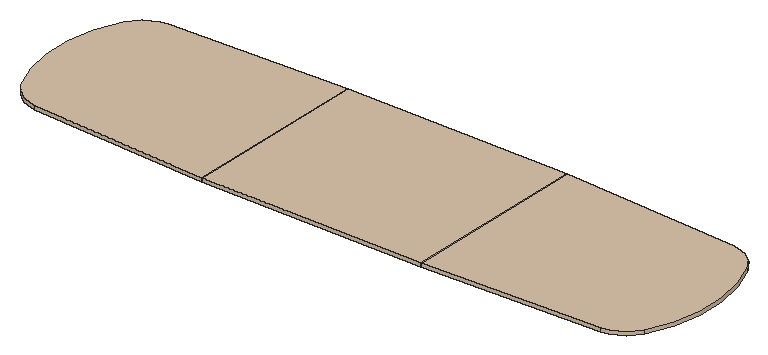
Revit family "Haworth_Planes_ColumnBaseConferenceTable_PebbleThreePiece_TopOnly", category Furniture Systems, Revit 2018 (continued)
Definition of nested family "Haworth_Planes_Worksurface_Pebble_3Piece_PART"
  Definition of nested family "Haworth_Planes_Worksurface_Pebble54_3Pieces_Part"
    Automatic sketch dimensions
      Extrusion 3 sketch curve to Extrusion 3 sketch curve = 0"  (x10)
      Extrusion 3 sketch curve to Extrusion 3 sketch curve = 30.5875"  (x2)
      Extrusion 3 sketch curve to Extrusion 3 sketch curve = 65.68"
      Extrusion 3 sketch curve to Extrusion 3 sketch curve = 68.67386"  (x2)
      Extrusion 3 sketch curve to Extrusion 3 sketch curve = 20.68"  (x2)
      plane 1 "Center F/B" to Extrusion 3 sketch curve = 491.02972"
      plane 1 "Center F/B" to Extrusion 3 sketch curve = 26.83784"
      Extrusion 3 sketch curve to Extrusion 3 sketch curve = 14.45216"  (x2)
      Extrusion 3 sketch curve to Extrusion 3 sketch curve = 12.38568"  (x2)
      Extrusion 3 sketch curve to Extrusion 3 sketch curve = 24.77136"  (x2)
      Extrusion 3 sketch curve to Extrusion 3 sketch curve = 26.83784"  (x2)
      Extrusion 3 sketch curve to Extrusion 3 sketch curve = 11.12273"
      Extrusion 3 sketch curve to plane 3 "Center L/R" = 84.1075"
      Extrusion 3 sketch curve to plane 3 "Center L/R" = 34.33693"  (x2)
      Extrusion 3 sketch curve to Extrusion 3 sketch curve = 464.19188"
      Extrusion 4 sketch curve to Extrusion 4 sketch curve = 0"  (x9)
      Extrusion 4 sketch curve to Extrusion 4 sketch curve = 30.58733"  (x2)
      Extrusion 4 sketch curve to Extrusion 4 sketch curve = 22.68"  (x2)
      Extrusion 4 sketch curve to Extrusion 4 sketch curve = 67.68"
      Extrusion 4 sketch curve to Extrusion 4 sketch curve = 70.67599"  (x2)
      plane 1 "Center F/B" to Extrusion 4 sketch curve = 532.46658"
      plane 1 "Center F/B" to Extrusion 4 sketch curve = 26.83799"
      Extrusion 4 sketch curve to Extrusion 4 sketch curve = 14.45191"  (x2)
      Extrusion 4 sketch curve to Extrusion 4 sketch curve = 12.38609"  (x2)
      Extrusion 4 sketch curve to Extrusion 4 sketch curve = 24.77217"  (x2)
      Extrusion 4 sketch curve to Extrusion 4 sketch curve = 26.83799"  (x2)
      Extrusion 4 sketch curve to Extrusion 4 sketch curve = 11.12267"  (x2)
      Extrusion 4 sketch curve to plane 3 "Center L/R" = 87.10733"
      Extrusion 4 sketch curve to plane 3 "Center L/R" = 35.33799"  (x2)
      Extrusion 4 sketch curve to Extrusion 4 sketch curve = 505.62859"
      Extrusion 5 sketch curve to Extrusion 5 sketch curve = 0"  (x10)
      Extrusion 5 sketch curve to Extrusion 5 sketch curve = 30.58724"  (x2)
      Extrusion 5 sketch curve to Extrusion 5 sketch curve = 69.68"
      Extrusion 5 sketch curve to Extrusion 5 sketch curve = 72.67803"  (x2)
      Extrusion 5 sketch curve to Extrusion 5 sketch curve = 24.68"  (x2)
      plane 1 "Center F/B" to Extrusion 5 sketch curve = 575.50267"
      plane 1 "Center F/B" to Extrusion 5 sketch curve = 26.83813"
      Extrusion 5 sketch curve to Extrusion 5 sketch curve = 14.45183"  (x2)
      Extrusion 5 sketch curve to Extrusion 5 sketch curve = 12.3863"  (x2)
      Extrusion 5 sketch curve to Extrusion 5 sketch curve = 24.77261"  (x2)
      Extrusion 5 sketch curve to Extrusion 5 sketch curve = 26.83813"  (x2)
      Extrusion 5 sketch curve to Extrusion 5 sketch curve = 11.12263"
      Extrusion 5 sketch curve to plane 3 "Center L/R" = 90.10724"
      Extrusion 5 sketch curve to plane 3 "Center L/R" = 36.33902"  (x2)
      Extrusion 5 sketch curve to Extrusion 5 sketch curve = 548.66454"
      Extrusion 6 sketch curve to Extrusion 6 sketch curve = 0"  (x10)
      Extrusion 6 sketch curve to Extrusion 6 sketch curve = 30.58722"  (x2)
      Extrusion 6 sketch curve to Extrusion 6 sketch curve = 26.68"  (x2)
      Extrusion 6 sketch curve to Extrusion 6 sketch curve = 74.68"  (x2)
      plane 1 "Center F/B" to Extrusion 6 sketch curve = 620.56871"
      plane 1 "Center F/B" to Extrusion 6 sketch curve = 27.26898"
      Extrusion 6 sketch curve to Extrusion 6 sketch curve = 14.45189"  (x2)
      Extrusion 6 sketch curve to Extrusion 6 sketch curve = 12.38637"  (x2)
      Extrusion 6 sketch curve to Extrusion 6 sketch curve = 24.77274"  (x2)
      Extrusion 6 sketch curve to Extrusion 6 sketch curve = 26.83826"  (x2)
      Extrusion 6 sketch curve to Extrusion 6 sketch curve = 11.12262"
      Extrusion 6 sketch curve to plane 3 "Center L/R" = 93.10722"
      Extrusion 6 sketch curve to plane 3 "Center L/R" = 37.34"  (x2)
      Extrusion 6 sketch curve to Extrusion 6 sketch curve = 71.68"
      Extrusion 6 sketch curve to Extrusion 6 sketch curve = 593.29973"
      Extrusion 7 sketch curve to Extrusion 7 sketch curve = 0"  (x10)
      Extrusion 7 sketch curve to Extrusion 7 sketch curve = 30.58724"  (x2)
      Extrusion 7 sketch curve to Extrusion 7 sketch curve = 73.68"
      Extrusion 7 sketch curve to Extrusion 7 sketch curve = 76.6819"  (x2)
      Extrusion 7 sketch curve to Extrusion 7 sketch curve = 28.68"  (x2)
      plane 1 "Center F/B" to Extrusion 7 sketch curve = 666.37253"
      plane 1 "Center F/B" to Extrusion 7 sketch curve = 26.83838"
      Extrusion 7 sketch curve to Extrusion 7 sketch curve = 14.45206"  (x2)
      Extrusion 7 sketch curve to Extrusion 7 sketch curve = 12.38631"  (x2)
      Extrusion 7 sketch curve to Extrusion 7 sketch curve = 24.77263"  (x2)
      Extrusion 7 sketch curve to Extrusion 7 sketch curve = 26.83838"  (x2)
      Extrusion 7 sketch curve to Extrusion 7 sketch curve = 11.12263"
      Extrusion 7 sketch curve to plane 3 "Center L/R" = 96.10724"
      Extrusion 7 sketch curve to plane 3 "Center L/R" = 38.34095"  (x2)
      Extrusion 7 sketch curve to Extrusion 7 sketch curve = 639.53416"
      Extrusion 8 sketch curve to Extrusion 8 sketch curve = 0"  (x9)
      Extrusion 8 sketch curve to Extrusion 8 sketch curve = 30.5873"  (x2)
      Extrusion 8 sketch curve to Extrusion 8 sketch curve = 30.68"  (x2)
      Extrusion 8 sketch curve to Extrusion 8 sketch curve = 75.68"
      Extrusion 8 sketch curve to Extrusion 8 sketch curve = 78.68374"  (x2)
      plane 1 "Center F/B" to Extrusion 8 sketch curve = 714.2063"
      plane 1 "Center F/B" to Extrusion 8 sketch curve = 26.83848"
      Extrusion 8 sketch curve to Extrusion 8 sketch curve = 14.45232"  (x2)
      Extrusion 8 sketch curve to Extrusion 8 sketch curve = 12.38616"  (x2)
      Extrusion 8 sketch curve to Extrusion 8 sketch curve = 24.77232"  (x2)
      Extrusion 8 sketch curve to Extrusion 8 sketch curve = 26.83848"  (x2)
      Extrusion 8 sketch curve to Extrusion 8 sketch curve = 11.12266"  (x2)
      Extrusion 8 sketch curve to plane 3 "Center L/R" = 99.1073"
      Extrusion 8 sketch curve to plane 3 "Center L/R" = 39.34187"  (x2)
      Extrusion 8 sketch curve to Extrusion 8 sketch curve = 687.36783"
      Extrusion 9 sketch curve to Extrusion 9 sketch curve = 0"  (x9)
      Extrusion 9 sketch curve to Extrusion 9 sketch curve = 30.5874"  (x2)
      Extrusion 9 sketch curve to Extrusion 9 sketch curve = 32.68"  (x2)
      Extrusion 9 sketch curve to Extrusion 9 sketch curve = 77.68"
      Extrusion 9 sketch curve to Extrusion 9 sketch curve = 80.68552"  (x2)
      plane 1 "Center F/B" to Extrusion 9 sketch curve = 763.6393"
      plane 1 "Center F/B" to Extrusion 9 sketch curve = 26.83857"
      Extrusion 9 sketch curve to Extrusion 9 sketch curve = 14.45265"  (x2)
      Extrusion 9 sketch curve to Extrusion 9 sketch curve = 12.38593"  (x2)
      Extrusion 9 sketch curve to Extrusion 9 sketch curve = 24.77185"  (x2)
      Extrusion 9 sketch curve to Extrusion 9 sketch curve = 26.83857"  (x2)
      Extrusion 9 sketch curve to Extrusion 9 sketch curve = 11.12269"  (x2)
      Extrusion 9 sketch curve to plane 3 "Center L/R" = 102.1074"
      Extrusion 9 sketch curve to plane 3 "Center L/R" = 40.34276"  (x2)
      Extrusion 9 sketch curve to Extrusion 9 sketch curve = 736.80073"
      Extrusion 10 sketch curve to Extrusion 10 sketch curve = 0"  (x10)
      Extrusion 10 sketch curve to Extrusion 10 sketch curve = 30.58752"  (x2)
      Extrusion 10 sketch curve to Extrusion 10 sketch curve = 79.68"
      Extrusion 10 sketch curve to Extrusion 10 sketch curve = 82.68725"  (x2)
      Extrusion 10 sketch curve to Extrusion 10 sketch curve = 34.68"  (x2)
      plane 1 "Center F/B" to Extrusion 10 sketch curve = 814.67153"
      plane 1 "Center F/B" to Extrusion 10 sketch curve = 26.83866"
      Extrusion 10 sketch curve to Extrusion 10 sketch curve = 14.45303"  (x2)
      Extrusion 10 sketch curve to Extrusion 10 sketch curve = 12.38563"  (x2)
      Extrusion 10 sketch curve to Extrusion 10 sketch curve = 24.77126"  (x2)
      Extrusion 10 sketch curve to Extrusion 10 sketch curve = 26.83866"  (x2)
      Extrusion 10 sketch curve to Extrusion 10 sketch curve = 11.12273"
      Extrusion 10 sketch curve to plane 3 "Center L/R" = 105.10752"
      Extrusion 10 sketch curve to plane 3 "Center L/R" = 41.34363"  (x2)
      Extrusion 10 sketch curve to Extrusion 10 sketch curve = 787.83287"
      Extrusion 11 sketch curve to Extrusion 11 sketch curve = 0"  (x10)
      Extrusion 11 sketch curve to Extrusion 11 sketch curve = 30.58766"  (x2)
      Extrusion 11 sketch curve to Extrusion 11 sketch curve = 36.68"  (x2)
      Extrusion 11 sketch curve to Extrusion 11 sketch curve = 84.68894"  (x2)
      plane 1 "Center F/B" to Extrusion 11 sketch curve = 867.30298"
      plane 1 "Center F/B" to Extrusion 11 sketch curve = 26.83873"
      Extrusion 11 sketch curve to Extrusion 11 sketch curve = 14.45345"  (x2)
      Extrusion 11 sketch curve to Extrusion 11 sketch curve = 12.38528"  (x2)
      Extrusion 11 sketch curve to Extrusion 11 sketch curve = 24.77057"  (x2)
      Extrusion 11 sketch curve to Extrusion 11 sketch curve = 26.83873"  (x2)
      Extrusion 11 sketch curve to Extrusion 11 sketch curve = 11.12278"
      Extrusion 11 sketch curve to plane 3 "Center L/R" = 108.10766"
      Extrusion 11 sketch curve to plane 3 "Center L/R" = 42.34447"  (x2)
      Extrusion 11 sketch curve to Extrusion 11 sketch curve = 81.68"
      Extrusion 11 sketch curve to Extrusion 11 sketch curve = 840.46424"
      Extrusion 12 sketch curve to Extrusion 12 sketch curve = 0"  (x10)
      Extrusion 12 sketch curve to Extrusion 12 sketch curve = 30.58781"  (x2)
      Extrusion 12 sketch curve to Extrusion 12 sketch curve = 38.68"  (x2)
      Extrusion 12 sketch curve to Extrusion 12 sketch curve = 86.69059"  (x2)
      plane 1 "Center F/B" to Extrusion 12 sketch curve = 921.53366"
      plane 1 "Center F/B" to Extrusion 12 sketch curve = 26.83881"
      Extrusion 12 sketch curve to Extrusion 12 sketch curve = 14.45391"  (x2)
      Extrusion 12 sketch curve to Extrusion 12 sketch curve = 12.3849"  (x2)
      Extrusion 12 sketch curve to Extrusion 12 sketch curve = 24.7698"  (x2)
      Extrusion 12 sketch curve to Extrusion 12 sketch curve = 26.83881"  (x2)
      Extrusion 12 sketch curve to Extrusion 12 sketch curve = 11.12284"
      Extrusion 12 sketch curve to plane 3 "Center L/R" = 111.10781"
      Extrusion 12 sketch curve to plane 3 "Center L/R" = 43.34529"  (x2)
      Extrusion 12 sketch curve to Extrusion 12 sketch curve = 83.68"
      Extrusion 12 sketch curve to Extrusion 12 sketch curve = 894.69485"
      Extrusion 13 sketch curve to Extrusion 13 sketch curve = 0"  (x9)
      Extrusion 13 sketch curve to Extrusion 13 sketch curve = 30.58798"  (x2)
      Extrusion 13 sketch curve to Extrusion 13 sketch curve = 40.68"  (x2)
      Extrusion 13 sketch curve to Extrusion 13 sketch curve = 85.68"
      Extrusion 13 sketch curve to Extrusion 13 sketch curve = 88.69219"  (x2)
      plane 1 "Center F/B" to Extrusion 13 sketch curve = 977.36356"
      plane 1 "Center F/B" to Extrusion 13 sketch curve = 26.83887"
      Extrusion 13 sketch curve to Extrusion 13 sketch curve = 14.45439"  (x2)
      Extrusion 13 sketch curve to Extrusion 13 sketch curve = 12.38448"  (x2)
      Extrusion 13 sketch curve to Extrusion 13 sketch curve = 24.76896"  (x2)
      Extrusion 13 sketch curve to Extrusion 13 sketch curve = 26.83887"  (x2)
      Extrusion 13 sketch curve to Extrusion 13 sketch curve = 11.1229"  (x2)
      Extrusion 13 sketch curve to plane 3 "Center L/R" = 114.10798"
      Extrusion 13 sketch curve to plane 3 "Center L/R" = 44.3461"  (x2)
      Extrusion 13 sketch curve to Extrusion 13 sketch curve = 950.52469"
      Extrusion 14 sketch curve to Extrusion 14 sketch curve = 0"  (x10)
      Extrusion 14 sketch curve to Extrusion 14 sketch curve = 30.58816"  (x2)
      Extrusion 14 sketch curve to Extrusion 14 sketch curve = 87.68"
      Extrusion 14 sketch curve to Extrusion 14 sketch curve = 90.69377"  (x2)
      Extrusion 14 sketch curve to Extrusion 14 sketch curve = 42.68"  (x2)
      plane 1 "Center F/B" to Extrusion 14 sketch curve = 1034.79269"
      plane 1 "Center F/B" to Extrusion 14 sketch curve = 26.83893"
      Extrusion 14 sketch curve to Extrusion 14 sketch curve = 14.45489"  (x2)
      Extrusion 14 sketch curve to Extrusion 14 sketch curve = 12.38404"  (x2)
      Extrusion 14 sketch curve to Extrusion 14 sketch curve = 24.76808"  (x2)
      Extrusion 14 sketch curve to Extrusion 14 sketch curve = 26.83893"  (x2)
      Extrusion 14 sketch curve to Extrusion 14 sketch curve = 11.12297"
      Extrusion 14 sketch curve to plane 3 "Center L/R" = 117.10816"
      Extrusion 14 sketch curve to plane 3 "Center L/R" = 45.34688"  (x2)
      Extrusion 14 sketch curve to Extrusion 14 sketch curve = 1007.95376"
      Extrusion 15 sketch curve to plane 3 "Center L/R" = 120.10835"
      Extrusion 15 sketch curve to Extrusion 15 sketch curve = 0"  (x11)
      Extrusion 15 sketch curve to Extrusion 15 sketch curve = 30.58835"  (x2)
      Extrusion 15 sketch curve to plane 3 "Center L/R" = 46 89/256"  (x2)
      Extrusion 15 sketch curve to Extrusion 15 sketch curve = 44.68"  (x2)
      Extrusion 15 sketch curve to Extrusion 15 sketch curve = 89.68"
      Extrusion 15 sketch curve to Extrusion 15 sketch curve = 92 89/128"  (x2)
      plane 1 "Center F/B" to Extrusion 15 sketch curve = 1093.82105"
      plane 1 "Center F/B" to Extrusion 15 sketch curve = 26.83899"
      Extrusion 15 sketch curve to Extrusion 15 sketch curve = 14.45541"  (x2)
      Extrusion 15 sketch curve to Extrusion 15 sketch curve = 12.38358"  (x2)
      Extrusion 15 sketch curve to Extrusion 15 sketch curve = 24.76716"  (x2)
      Extrusion 15 sketch curve to Extrusion 15 sketch curve = 26.83899"  (x2)
      Extrusion 15 sketch curve to Extrusion 15 sketch curve = 1066.98207"
      plane 1 "Center F/B" to Extrusion 16 sketch curve = 26.83746"
      Extrusion 16 sketch curve to plane 3 "Center L/R" = 30.84"
      Extrusion 16 sketch curve to Extrusion 16 sketch curve = 61.68"
      Extrusion 16 sketch curve to Extrusion 16 sketch curve = 53.67492"
      plane 1 "Center F/B" to Extrusion 17 sketch curve = 26.83766"
      Extrusion 17 sketch curve to plane 3 "Center L/R" = 31.84"
      Extrusion 17 sketch curve to Extrusion 17 sketch curve = 63.68"
      Extrusion 17 sketch curve to Extrusion 17 sketch curve = 53.67532"
      Extrusion 18 sketch curve to plane 3 "Center L/R" = 32.84"
      Extrusion 18 sketch curve to Extrusion 18 sketch curve = 65.68"
      plane 1 "Center F/B" to Extrusion 18 sketch curve = 26.83784"
      Extrusion 18 sketch curve to Extrusion 18 sketch curve = 53.67567"
      Extrusion 19 sketch curve to plane 3 "Center L/R" = 33.84"
      Extrusion 19 sketch curve to Extrusion 19 sketch curve = 67.68"
      plane 1 "Center F/B" to Extrusion 19 sketch curve = 26.83799"
      Extrusion 19 sketch curve to Extrusion 19 sketch curve = 53.67599"
      Extrusion 20 sketch curve to plane 3 "Center L/R" = 34.84"
      Extrusion 20 sketch curve to Extrusion 20 sketch curve = 69.68"
      plane 1 "Center F/B" to Extrusion 20 sketch curve = 26.83813"
      Extrusion 20 sketch curve to Extrusion 20 sketch curve = 53.67627"
      Extrusion 21 sketch curve to plane 3 "Center L/R" = 35.84"
      Extrusion 21 sketch curve to Extrusion 21 sketch curve = 71.68"
      plane 1 "Center F/B" to Extrusion 21 sketch curve = 27.26898"
      Extrusion 21 sketch curve to Extrusion 21 sketch curve = 53.67652"
      Extrusion 22 sketch curve to plane 3 "Center L/R" = 36.84"
      Extrusion 22 sketch curve to Extrusion 22 sketch curve = 73.68"
      plane 1 "Center F/B" to Extrusion 22 sketch curve = 26.83838"
      Extrusion 22 sketch curve to Extrusion 22 sketch curve = 53.67675"
      Extrusion 23 sketch curve to plane 3 "Center L/R" = 37.84"
      Extrusion 23 sketch curve to Extrusion 23 sketch curve = 75.68"
      plane 1 "Center F/B" to Extrusion 23 sketch curve = 26.83848"
      Extrusion 23 sketch curve to Extrusion 23 sketch curve = 53.67696"
      Extrusion 24 sketch curve to plane 3 "Center L/R" = 38.84"
      Extrusion 24 sketch curve to Extrusion 24 sketch curve = 77.68"
      plane 1 "Center F/B" to Extrusion 24 sketch curve = 26.83857"
      Extrusion 24 sketch curve to Extrusion 24 sketch curve = 53.67714"
      Extrusion 25 sketch curve to plane 3 "Center L/R" = 39.84"
      Extrusion 25 sketch curve to Extrusion 25 sketch curve = 79.68"
      plane 1 "Center F/B" to Extrusion 25 sketch curve = 26.83866"
      Extrusion 25 sketch curve to Extrusion 25 sketch curve = 53.67731"
      Extrusion 26 sketch curve to plane 3 "Center L/R" = 40.84"
      Extrusion 26 sketch curve to Extrusion 26 sketch curve = 81.68"
      plane 1 "Center F/B" to Extrusion 26 sketch curve = 26.83873"
      Extrusion 26 sketch curve to Extrusion 26 sketch curve = 53.67747"
      Extrusion 27 sketch curve to plane 3 "Center L/R" = 41.84"
      Extrusion 27 sketch curve to Extrusion 27 sketch curve = 83.68"
      plane 1 "Center F/B" to Extrusion 27 sketch curve = 26.83881"
      Extrusion 27 sketch curve to Extrusion 27 sketch curve = 53.67761"
      Extrusion 28 sketch curve to plane 3 "Center L/R" = 42.84"
      Extrusion 28 sketch curve to Extrusion 28 sketch curve = 85.68"
      plane 1 "Center F/B" to Extrusion 28 sketch curve = 26.83887"
      Extrusion 28 sketch curve to Extrusion 28 sketch curve = 53.67774"
      Extrusion 29 sketch curve to plane 3 "Center L/R" = 43.84"
      Extrusion 29 sketch curve to Extrusion 29 sketch curve = 87.68"
      plane 1 "Center F/B" to Extrusion 29 sketch curve = 26.83893"
      Extrusion 29 sketch curve to Extrusion 29 sketch curve = 53.67786"
      Extrusion 30 sketch curve to plane 3 "Center L/R" = 44.84"
      Extrusion 30 sketch curve to Extrusion 30 sketch curve = 89.68"
      plane 1 "Center F/B" to Extrusion 30 sketch curve = 26.83899"
      Extrusion 30 sketch curve to Extrusion 30 sketch curve = 53.67797"
      Masking region 1 sketch curve to plane 1 "Center F/B" = 12.38637"
      Masking region 1 sketch curve to plane 3 "Center L/R" = 78.10722"
      Masking region 1 sketch curve to Masking region 1 sketch curve = 0"  (x7)
      Masking region 1 sketch curve to Masking region 1 sketch curve = 30.58722"  (x2)
      Masking region 1 sketch curve to Masking region 1 sketch curve = 15.17999"  (x2)
      Masking region 1 sketch curve to Masking region 1 sketch curve = 15.18"
      Masking region 1 sketch curve to plane 3 "Center L/R" = 32.33465"  (x2)
      Masking region 1 sketch curve to Masking region 1 sketch curve = 64.6693"  (x2)
      Masking region 1 sketch curve to Masking region 1 sketch curve = 64.68002"
      Masking region 1 sketch curve to Masking region 1 sketch curve = 12.38637"  (x2)
      Masking region 1 sketch curve to plane 1 "Center F/B" = 0"
      Masking region 1 sketch curve to Masking region 1 sketch curve = 24.77274"  (x2)
      Masking region 1 sketch curve to Masking region 1 sketch curve = 26.84"  (x2)
      plane 1 "Center F/B" to Masking region 1 sketch curve = 412.95367"
      Masking region 1 sketch curve to Masking region 1 sketch curve = 386.11367"
      Masking region 1 sketch curve to Masking region 1 sketch curve = 1.05391"  (x4)
      Masking region 2 sketch curve to plane 3 "Center L/R" = 81.10722"
      Masking region 2 sketch curve to Masking region 2 sketch curve = 0"  (x7)
      Masking region 2 sketch curve to Masking region 2 sketch curve = 30.58722"  (x2)
      Masking region 2 sketch curve to Masking region 2 sketch curve = 17.17999"  (x2)
      Masking region 2 sketch curve to Masking region 2 sketch curve = 17.18"
      Masking region 2 sketch curve to plane 3 "Center L/R" = 33.33582"  (x2)
      Masking region 2 sketch curve to Masking region 2 sketch curve = 66.67163"  (x2)
      Masking region 2 sketch curve to Masking region 2 sketch curve = 66.68002"
      plane 1 "Center F/B" to Masking region 2 sketch curve = 451.19208"
      plane 1 "Center F/B" to Masking region 2 sketch curve = 26.84"
      Masking region 2 sketch curve to Masking region 2 sketch curve = 14.45363"  (x2)
      Masking region 2 sketch curve to Masking region 2 sketch curve = 26.84"  (x3)
      Masking region 2 sketch curve to Masking region 2 sketch curve = 24.77274"  (x2)
      Masking region 2 sketch curve to Masking region 2 sketch curve = 424.35208"
      Masking region 2 sketch curve to Masking region 2 sketch curve = 1.05391"  (x4)
      Masking region 3 sketch curve to plane 3 "Center L/R" = 84.10722"
      Masking region 3 sketch curve to Masking region 3 sketch curve = 0"  (x7)
      Masking region 3 sketch curve to Masking region 3 sketch curve = 30.58722"  (x2)
      Masking region 3 sketch curve to Masking region 3 sketch curve = 19.18307"  (x3)
      Masking region 3 sketch curve to plane 3 "Center L/R" = 34.33693"  (x2)
      Masking region 3 sketch curve to Masking region 3 sketch curve = 68.67386"  (x3)
      plane 1 "Center F/B" to Masking region 3 sketch curve = 491.02972"
      plane 1 "Center F/B" to Masking region 3 sketch curve = 26.84"
      Masking region 3 sketch curve to Masking region 3 sketch curve = 14.45363"  (x2)
      Masking region 3 sketch curve to Masking region 3 sketch curve = 26.84"  (x3)
      Masking region 3 sketch curve to Masking region 3 sketch curve = 24.77274"  (x2)
      Masking region 3 sketch curve to Masking region 3 sketch curve = 464.18972"
      Masking region 3 sketch curve to Masking region 3 sketch curve = 1.05391"  (x4)
      Masking region 4 sketch curve to plane 3 "Center L/R" = 87.10722"
      Masking region 4 sketch curve to Masking region 4 sketch curve = 0"  (x7)
      Masking region 4 sketch curve to Masking region 4 sketch curve = 30.58722"  (x2)
      Masking region 4 sketch curve to Masking region 4 sketch curve = 21.18201"  (x3)
      Masking region 4 sketch curve to plane 3 "Center L/R" = 35.33799"  (x2)
      Masking region 4 sketch curve to Masking region 4 sketch curve = 70.67599"  (x3)
      plane 1 "Center F/B" to Masking region 4 sketch curve = 532.46658"
      plane 1 "Center F/B" to Masking region 4 sketch curve = 26.84"
      Masking region 4 sketch curve to Masking region 4 sketch curve = 14.45363"  (x2)
      Masking region 4 sketch curve to Masking region 4 sketch curve = 12.38637"  (x2)
      Masking region 4 sketch curve to Masking region 4 sketch curve = 24.77274"  (x2)
      Masking region 4 sketch curve to Masking region 4 sketch curve = 26.84"
      Masking region 4 sketch curve to Masking region 4 sketch curve = 505.62658"
      Masking region 4 sketch curve to Masking region 4 sketch curve = 1.05391"  (x4)
      Masking region 5 sketch curve to plane 3 "Center L/R" = 90.10722"
      Masking region 5 sketch curve to Masking region 5 sketch curve = 0"  (x7)
      Masking region 5 sketch curve to Masking region 5 sketch curve = 30.58722"  (x2)
      Masking region 5 sketch curve to Masking region 5 sketch curve = 23.18098"  (x3)
      Masking region 5 sketch curve to plane 3 "Center L/R" = 36.33902"  (x2)
      Masking region 5 sketch curve to Masking region 5 sketch curve = 72.67803"  (x3)
      plane 1 "Center F/B" to Masking region 5 sketch curve = 575.50267"
      plane 1 "Center F/B" to Masking region 5 sketch curve = 26.84"
      Masking region 5 sketch curve to Masking region 5 sketch curve = 14.45363"  (x2)
      Masking region 5 sketch curve to Masking region 5 sketch curve = 12.38637"  (x2)
      Masking region 5 sketch curve to Masking region 5 sketch curve = 24.77274"  (x2)
      Masking region 5 sketch curve to Masking region 5 sketch curve = 26.84"
      Masking region 5 sketch curve to Masking region 5 sketch curve = 548.66267"
      Masking region 5 sketch curve to Masking region 5 sketch curve = 1.05391"  (x4)
      Masking region 6 sketch curve to plane 3 "Center L/R" = 93.10722"
      Masking region 6 sketch curve to Masking region 6 sketch curve = 0"  (x11)
      Masking region 6 sketch curve to Masking region 6 sketch curve = 30.58722"  (x2)
      Masking region 6 sketch curve to Masking region 6 sketch curve = 25.18"  (x2)
      Masking region 6 sketch curve to plane 3 "Center L/R" = 37.34"
      Masking region 6 sketch curve to Masking region 6 sketch curve = 74.68"
      plane 1 "Center F/B" to Masking region 6 sketch curve = 620.56871"
      plane 1 "Center F/B" to Masking region 6 sketch curve = 27.27072"
      Masking region 6 sketch curve to Masking region 6 sketch curve = 14.45363"  (x2)
      Masking region 6 sketch curve to Masking region 6 sketch curve = 12.38637"  (x2)
      Masking region 6 sketch curve to Masking region 6 sketch curve = 24.77274"  (x2)
      Masking region 6 sketch curve to Masking region 6 sketch curve = 26.84"
      Masking region 6 sketch curve to Masking region 6 sketch curve = 593.29799"
      Masking region 7 sketch curve to plane 3 "Center L/R" = 96.10722"
      Masking region 7 sketch curve to Masking region 7 sketch curve = 0"  (x7)
      Masking region 7 sketch curve to Masking region 7 sketch curve = 30.58722"  (x2)
      Masking region 7 sketch curve to plane 3 "Center L/R" = 38.34095"  (x2)
      Masking region 7 sketch curve to Masking region 7 sketch curve = 27.17905"  (x3)
      Masking region 7 sketch curve to Masking region 7 sketch curve = 76.6819"  (x3)
      plane 1 "Center F/B" to Masking region 7 sketch curve = 666.37253"
      plane 1 "Center F/B" to Masking region 7 sketch curve = 26.84"
      Masking region 7 sketch curve to Masking region 7 sketch curve = 14.45363"  (x2)
      Masking region 7 sketch curve to Masking region 7 sketch curve = 12.38637"  (x2)
      Masking region 7 sketch curve to Masking region 7 sketch curve = 24.77274"  (x2)
      Masking region 7 sketch curve to Masking region 7 sketch curve = 26.84"
      Masking region 7 sketch curve to Masking region 7 sketch curve = 639.53253"
      Masking region 7 sketch curve to Masking region 7 sketch curve = 1.05391"  (x4)
      Masking region 8 sketch curve to plane 3 "Center L/R" = 99.10722"
      Masking region 8 sketch curve to Masking region 8 sketch curve = 0"  (x7)
      Masking region 8 sketch curve to Masking region 8 sketch curve = 30.58722"  (x2)
      Masking region 8 sketch curve to plane 3 "Center L/R" = 39.34187"  (x2)
      Masking region 8 sketch curve to Masking region 8 sketch curve = 29.17813"  (x3)
      Masking region 8 sketch curve to Masking region 8 sketch curve = 78.68374"  (x3)
      plane 1 "Center F/B" to Masking region 8 sketch curve = 714.2063"
      plane 1 "Center F/B" to Masking region 8 sketch curve = 26.84"
      Masking region 8 sketch curve to Masking region 8 sketch curve = 14.45363"  (x2)
      Masking region 8 sketch curve to Masking region 8 sketch curve = 12.38637"  (x2)
      Masking region 8 sketch curve to Masking region 8 sketch curve = 24.77274"  (x2)
      Masking region 8 sketch curve to Masking region 8 sketch curve = 26.84"
      Masking region 8 sketch curve to Masking region 8 sketch curve = 687.3663"
      Masking region 8 sketch curve to Masking region 8 sketch curve = 1.05391"  (x4)
      Masking region 9 sketch curve to plane 3 "Center L/R" = 102.10722"
      Masking region 9 sketch curve to Masking region 9 sketch curve = 0"  (x7)
      Masking region 9 sketch curve to Masking region 9 sketch curve = 30.58722"  (x2)
      Masking region 9 sketch curve to plane 3 "Center L/R" = 40.34276"  (x2)
      Masking region 9 sketch curve to Masking region 9 sketch curve = 31.17724"  (x3)
      Masking region 9 sketch curve to Masking region 9 sketch curve = 80.68552"  (x3)
      plane 1 "Center F/B" to Masking region 9 sketch curve = 763.6393"
      plane 1 "Center F/B" to Masking region 9 sketch curve = 26.84"
      Masking region 9 sketch curve to Masking region 9 sketch curve = 14.45363"  (x2)
      Masking region 9 sketch curve to Masking region 9 sketch curve = 12.38637"  (x2)
      Masking region 9 sketch curve to Masking region 9 sketch curve = 24.77274"  (x2)
      Masking region 9 sketch curve to Masking region 9 sketch curve = 26.84"
      Masking region 9 sketch curve to Masking region 9 sketch curve = 736.7993"
      Masking region 9 sketch curve to Masking region 9 sketch curve = 1.05391"  (x4)
      Masking region 10 sketch curve to plane 3 "Center L/R" = 105.10722"
      Masking region 10 sketch curve to Masking region 10 sketch curve = 0"  (x7)
      Masking region 10 sketch curve to Masking region 10 sketch curve = 30.58722"  (x2)
      Masking region 10 sketch curve to plane 3 "Center L/R" = 41.34363"  (x2)
      Masking region 10 sketch curve to Masking region 10 sketch curve = 33.17637"  (x3)
      Masking region 10 sketch curve to Masking region 10 sketch curve = 82.68725"  (x3)
      plane 1 "Center F/B" to Masking region 10 sketch curve = 814.67153"
      plane 1 "Center F/B" to Masking region 10 sketch curve = 26.84"
      Masking region 10 sketch curve to Masking region 10 sketch curve = 14.45363"  (x2)
      Masking region 10 sketch curve to Masking region 10 sketch curve = 12.38637"  (x2)
      Masking region 10 sketch curve to Masking region 10 sketch curve = 24.77274"  (x2)
      Masking region 10 sketch curve to Masking region 10 sketch curve = 26.84"
      Masking region 10 sketch curve to Masking region 10 sketch curve = 787.83153"
      Masking region 10 sketch curve to Masking region 10 sketch curve = 1.05391"  (x4)
      Masking region 11 sketch curve to plane 3 "Center L/R" = 108.10722"
      Masking region 11 sketch curve to Masking region 11 sketch curve = 0"  (x7)
      Masking region 11 sketch curve to Masking region 11 sketch curve = 30.58722"  (x2)
      plane 1 "Center F/B" to Masking region 11 sketch curve = 867.30298"
      Masking region 11 sketch curve to plane 3 "Center L/R" = 42.34447"  (x2)
      Masking region 11 sketch curve to Masking region 11 sketch curve = 35.17553"  (x3)
      Masking region 11 sketch curve to Masking region 11 sketch curve = 84.68894"  (x3)
      plane 1 "Center F/B" to Masking region 11 sketch curve = 26.84"
      Masking region 11 sketch curve to Masking region 11 sketch curve = 14.45363"  (x2)
      Masking region 11 sketch curve to Masking region 11 sketch curve = 12.38637"  (x2)
      Masking region 11 sketch curve to Masking region 11 sketch curve = 24.77274"  (x2)
      Masking region 11 sketch curve to Masking region 11 sketch curve = 26.84"
      Masking region 11 sketch curve to Masking region 11 sketch curve = 840.46298"
      Masking region 11 sketch curve to Masking region 11 sketch curve = 1.05391"  (x4)
      Masking region 12 sketch curve to plane 3 "Center L/R" = 111.10722"
      Masking region 12 sketch curve to Masking region 12 sketch curve = 0"  (x7)
      Masking region 12 sketch curve to Masking region 12 sketch curve = 30.58722"  (x2)
      plane 1 "Center F/B" to Masking region 12 sketch curve = 921.53366"
      Masking region 12 sketch curve to plane 3 "Center L/R" = 43.34529"  (x2)
      Masking region 12 sketch curve to Masking region 12 sketch curve = 37.18"
      Masking region 12 sketch curve to Masking region 12 sketch curve = 37.18002"  (x2)
      Masking region 12 sketch curve to Masking region 12 sketch curve = 86.67996"
      Masking region 12 sketch curve to Masking region 12 sketch curve = 86.69059"  (x2)
      plane 1 "Center F/B" to Masking region 12 sketch curve = 26.84"
      Masking region 12 sketch curve to Masking region 12 sketch curve = 14.45363"  (x2)
      Masking region 12 sketch curve to Masking region 12 sketch curve = 12.38637"  (x2)
      Masking region 12 sketch curve to Masking region 12 sketch curve = 24.77274"  (x2)
      Masking region 12 sketch curve to Masking region 12 sketch curve = 26.84"
      Masking region 12 sketch curve to Masking region 12 sketch curve = 894.69366"
      Masking region 12 sketch curve to Masking region 12 sketch curve = 1.05391"  (x4)
      Masking region 13 sketch curve to plane 3 "Center L/R" = 114.10722"
      Masking region 13 sketch curve to Masking region 13 sketch curve = 0"  (x7)
      Masking region 13 sketch curve to Masking region 13 sketch curve = 30.58722"  (x2)
      plane 1 "Center F/B" to Masking region 13 sketch curve = 977.36356"
      Masking region 13 sketch curve to plane 3 "Center L/R" = 44.3461"  (x2)
      Masking region 13 sketch curve to Masking region 13 sketch curve = 39.18"
      Masking region 13 sketch curve to Masking region 13 sketch curve = 39.18002"  (x2)
      Masking region 13 sketch curve to Masking region 13 sketch curve = 88.67997"
      Masking region 13 sketch curve to Masking region 13 sketch curve = 88.69219"  (x2)
      plane 1 "Center F/B" to Masking region 13 sketch curve = 26.84"
      Masking region 13 sketch curve to Masking region 13 sketch curve = 14.45363"  (x2)
      Masking region 13 sketch curve to Masking region 13 sketch curve = 12.38637"  (x2)
      Masking region 13 sketch curve to Masking region 13 sketch curve = 24.77274"  (x2)
      Masking region 13 sketch curve to Masking region 13 sketch curve = 26.84"
      Masking region 13 sketch curve to Masking region 13 sketch curve = 950.52356"
      Masking region 13 sketch curve to Masking region 13 sketch curve = 1.05391"  (x4)
      Masking region 14 sketch curve to plane 3 "Center L/R" = 117.10722"
      Masking region 14 sketch curve to Masking region 14 sketch curve = 0"  (x7)
      Masking region 14 sketch curve to Masking region 14 sketch curve = 30.58722"  (x2)
      plane 1 "Center F/B" to Masking region 14 sketch curve = 1034.79269"
      Masking region 14 sketch curve to plane 3 "Center L/R" = 45.34688"  (x2)
      Masking region 14 sketch curve to Masking region 14 sketch curve = 41.18"
      Masking region 14 sketch curve to Masking region 14 sketch curve = 41.18002"  (x2)
      Masking region 14 sketch curve to Masking region 14 sketch curve = 90.67997"
      Masking region 14 sketch curve to Masking region 14 sketch curve = 90.69377"  (x2)
      plane 1 "Center F/B" to Masking region 14 sketch curve = 26.84"
      Masking region 14 sketch curve to Masking region 14 sketch curve = 14.45363"  (x2)
      Masking region 14 sketch curve to Masking region 14 sketch curve = 12.38637"  (x2)
      Masking region 14 sketch curve to Masking region 14 sketch curve = 24.77274"  (x2)
      Masking region 14 sketch curve to Masking region 14 sketch curve = 26.84"
      Masking region 14 sketch curve to Masking region 14 sketch curve = 1007.95269"
      Masking region 14 sketch curve to Masking region 14 sketch curve = 1.05391"  (x4)
      Masking region 15 sketch curve to plane 3 "Center L/R" = 120.10722"
      Masking region 15 sketch curve to Masking region 15 sketch curve = 0"  (x7)
      Masking region 15 sketch curve to Masking region 15 sketch curve = 30.58722"  (x2)
      plane 1 "Center F/B" to Masking region 15 sketch curve = 1093.82105"
      Masking region 15 sketch curve to plane 3 "Center L/R" = 46 89/256"  (x2)
      Masking region 15 sketch curve to Masking region 15 sketch curve = 43.18"
      Masking region 15 sketch curve to Masking region 15 sketch curve = 43.18001"  (x2)
      Masking region 15 sketch curve to Masking region 15 sketch curve = 92.67997"
      Masking region 15 sketch curve to Masking region 15 sketch curve = 92 89/128"  (x2)
      plane 1 "Center F/B" to Masking region 15 sketch curve = 26.84"
      Masking region 15 sketch curve to Masking region 15 sketch curve = 14.45363"  (x2)
      Masking region 15 sketch curve to Masking region 15 sketch curve = 12.38637"  (x2)
      Masking region 15 sketch curve to Masking region 15 sketch curve = 24.77274"  (x2)
      Masking region 15 sketch curve to Masking region 15 sketch curve = 26.84"
      Masking region 15 sketch curve to Masking region 15 sketch curve = 1066.98105"
      Masking region 15 sketch curve to Masking region 15 sketch curve = 1.05391"  (x4)
      curve 29 to plane 3 "Center L/R" = 44.84"
      plane 1 "Center F/B" to curve 1 = 26.83746"
      curve 29 to curve 28 = 1"
      curve 28 to curve 25 = 1"
      curve 25 to curve 21 = 2"
      curve 25 to curve 24 = 1"
      curve 21 to curve 20 = 1"
      curve 20 to curve 17 = 1"
      curve 17 to curve 16 = 1"
      curve 16 to curve 13 = 1"
      curve 13 to curve 12 = 1"
      curve 12 to curve 9 = 1"
      curve 9 to curve 8 = 1"
      curve 8 to curve 5 = 1"
      curve 5 to curve 4 = 1"
      curve 4 to curve 1 = 1"
      curve 1 to curve 2 = 61.68"
      curve 2 to curve 3 = 1"
      curve 3 to curve 6 = 1"
      curve 6 to curve 7 = 1"
      curve 7 to curve 10 = 1"
      curve 13 to curve 14 = 73.68"
      curve 11 to curve 14 = 1"
      curve 14 to curve 15 = 1"
      curve 15 to curve 18 = 1"
      curve 18 to curve 19 = 1"
      curve 19 to curve 22 = 1"
      curve 25 to curve 26 = 85.68"
      curve 26 to curve 27 = 1"
      curve 23 to curve 26 = 1"
      curve 27 to curve 30 = 1"
      curve 1 to curve 2 = 0"
      curve 2 to curve 2 = 53.67492"
      curve 1 to curve 1 = 53.67492"
      curve 4 to curve 1 = 53.67512"
      curve 3 to curve 2 = 53.67512"
      curve 4 to curve 4 = 53.67532"
      curve 3 to curve 3 = 53.67532"
      curve 6 to curve 3 = 53.6755"
      curve 5 to curve 4 = 53.6755"
      curve 6 to curve 6 = 53.67567"
      curve 5 to curve 5 = 53.67567"
      curve 8 to curve 5 = 53.67583"
      curve 7 to curve 6 = 53.67583"
      curve 8 to curve 8 = 53.67599"
      curve 7 to curve 7 = 53.67599"
      curve 9 to curve 8 = 53.67613"
      curve 10 to curve 7 = 53.67613"
      curve 9 to curve 9 = 53.67627"
      curve 10 to curve 10 = 53.67627"
      curve 12 to curve 9 = 54.10711"
      curve 11 to curve 10 = 54.10711"
      curve 12 to curve 12 = 53.67652"
      curve 11 to curve 11 = 53.67652"
      curve 14 to curve 11 = 53.24592"
      curve 13 to curve 12 = 53.24592"
      curve 14 to curve 14 = 53.67675"
      curve 13 to curve 13 = 53.67675"
      curve 16 to curve 13 = 53.67685"
      curve 15 to curve 14 = 53.67685"
      curve 16 to curve 16 = 53.67696"
      curve 15 to curve 15 = 53.67696"
      curve 17 to curve 16 = 53.67705"
      curve 18 to curve 15 = 53.67705"
      curve 18 to curve 18 = 53.67714"
      curve 17 to curve 17 = 53.67714"
      curve 20 to curve 17 = 53.67723"
      curve 19 to curve 18 = 53.67723"
      curve 20 to curve 20 = 53.67731"
      curve 19 to curve 19 = 53.67731"
      curve 21 to curve 20 = 53.67739"
      curve 22 to curve 19 = 53.67739"
      curve 21 to curve 21 = 53.67747"
      curve 22 to curve 22 = 53.67747"
      curve 24 to curve 21 = 53.67754"
      curve 23 to curve 22 = 53.67754"
      curve 24 to curve 24 = 53.67761"
      curve 23 to curve 23 = 53.67761"
      curve 25 to curve 24 = 53.67768"
      curve 26 to curve 23 = 53.67768"
      curve 26 to curve 26 = 53.67774"
      curve 25 to curve 25 = 53.67774"
      curve 28 to curve 25 = 53.6778"
      curve 27 to curve 26 = 53.6778"
      curve 28 to curve 28 = 53.67786"
      curve 27 to curve 27 = 53.67786"
      curve 29 to curve 28 = 53.67792"
      curve 30 to curve 27 = 53.67792"
      curve 30 to curve 30 = 53.67797"
      curve 29 to curve 29 = 53.67797"
  Definition of nested family "Haworth_Planes_Worksurface_Pebble60_3Pieces_Part"
    Parameters (values of type "Worksurface")
      Width = 180"
      Warranty = "https://www.haworth.com/resources/product-info/warranties"
      URL - Product = ""
      URL = "www.haworth.com"
      Thickness = 1 3/16"
      Table Finish = none
      Table Edge Finish = none
      Revision Number = ""
      Note = "Verify Final Dim. w/ Haworth"  # constant formula
      Min. Width = 186"  # constant formula
      Min. Depth = 60"  # constant formula
      Max. Width = 270"  # constant formula
      Max. Depth = 60"  # constant formula
      Manufacturer = "Haworth"  # constant formula
      Depth = 60"  # constant formula
      Cutout Width = 8"  # constant formula
      Cutout Dimension = 3"  # constant formula
      Cutout Depth = 4"  # constant formula
      Center Cutout Offset = Actual Width / 6  # 31"
      Author = "Haworth (Alias)"  # constant formula
      Assembly Code = ""
      Actual Width = if(Width < Min. Width, Min. Width, if(Width > Max. Width, Max. Width, Width))  # 186"
      Actual Height = 29"
      Actual Depth = if(Depth > Max. Depth, Max. Depth, if(Depth < Min. Depth, Min. Depth, Depth))  # 60"
      270w = and(267" < Actual Width, Actual Width < 271")  # no
      264w = and(261" < Actual Width, Actual Width < 268")  # no
      258w = and(255" < Actual Width, Actual Width < 262")  # no
      252w = and(249" < Actual Width, Actual Width < 256")  # no
      246w = and(243" < Actual Width, Actual Width < 250")  # no
      240w = and(237" < Actual Width, Actual Width < 244")  # no
      234w = and(231" < Actual Width, Actual Width < 238")  # no
      228w = and(225" < Actual Width, Actual Width < 232")  # no
      222w = and(219" < Actual Width, Actual Width < 226")  # no
      216w = and(213" < Actual Width, Actual Width < 220")  # no
      210w = and(207" < Actual Width, Actual Width < 214")  # no
      204w = and(201" < Actual Width, Actual Width < 208")  # no
      198w = and(195" < Actual Width, Actual Width < 202")  # no
      192w = and(189" < Actual Width, Actual Width < 196")  # no
      186w = and(185" < Actual Width, Actual Width < 190")  # yes
    Reference planes (in)
      plane 1 "Center F/B": y = 15
      plane 2 "Bottom": z = 0
      plane 3 "Center L/R": x = 0
      plane 4 "Table Top": z = 29
      plane 5 "Table Bottom": z = 27.8125
      plane 6 "Cutout Top": z = 30
      plane 7 "Cutout Bottom": z = 27
      plane 8 "KnifeEdge Middle": z = 28.625
    Forms (in)
      Extrusion 1, solid, material <- "Table Finish", visible <- "186w"
        sketch origin (-730.5556, -86.63524, 0) x (1, 0, 0) y (0, 1, 0)
          loop
            arc (652.51896, 74.32229) -> (676.08127, 72.38691) -> (699.7156, 71.79793) r 414.53084
            line (699.7156, 71.79793) -> (699.7156, 131.47255)
            arc (699.7156, 131.47255) -> (676.08127, 130.88357) -> (652.51896, 128.94819) r 414.53084
            arc (652.51896, 128.94819) -> (647.08494, 126.93812) -> (643.2261, 122.61629) r 12
            arc (643.2261, 122.61629) -> (638.0356, 101.63524) -> (643.2261, 80.65419) r 45
            arc (643.2261, 80.65419) -> (647.08494, 76.33236) -> (652.51896, 74.32229) r 12
          loop
            arc (761.3956, 71.79793) -> (785.02992, 72.38691) -> (808.59223, 74.32229) r 414.53084
            arc (808.59223, 74.32229) -> (814.02625, 76.33236) -> (817.88509, 80.65419) r 12
            arc (817.88509, 80.65419) -> (823.0756, 101.63524) -> (817.88509, 122.61629) r 45
            arc (817.88509, 122.61629) -> (814.02625, 126.93812) -> (808.59223, 128.94819) r 12
            arc (808.59223, 128.94819) -> (785.02992, 130.88357) -> (761.3956, 131.47255) r 414.53084
            line (761.3956, 131.47255) -> (761.3956, 71.79793)
        from 27.8125 to 29
      Extrusion 2, solid, material <- "Table Finish", visible <- "192w"
        sketch origin (-729.89022, -148.78543, 0) x (1, 0, 0) y (0, 1, 0)
          loop
            arc (639.5615, 184.76794) -> (634.37022, 163.78543) -> (639.5615, 142.80292) r 45
            arc (639.5615, 142.80292) -> (643.44412, 138.46517) -> (648.91138, 136.4652) r 12
            arc (648.91138, 136.4652) -> (673.4465, 134.53693) -> (698.05022, 133.9479) r 451.67365
            line (698.05022, 133.9479) -> (698.05022, 193.62295)
            arc (698.05022, 193.62295) -> (673.4465, 193.03392) -> (648.91138, 191.10566) r 451.67365
            arc (648.91138, 191.10566) -> (643.44412, 189.10569) -> (639.5615, 184.76794) r 12
          loop
            arc (761.73022, 133.9479) -> (786.33395, 134.53693) -> (810.86906, 136.4652) r 451.67365
            arc (810.86906, 136.4652) -> (816.33632, 138.46517) -> (820.21894, 142.80292) r 12
            arc (820.21894, 142.80292) -> (825.41022, 163.78543) -> (820.21894, 184.76794) r 45
            arc (820.21894, 184.76794) -> (816.33632, 189.10569) -> (810.86906, 191.10566) r 12
            arc (810.86906, 191.10566) -> (786.33395, 193.03392) -> (761.73022, 193.62295) r 451.67365
            line (761.73022, 193.62295) -> (761.73022, 133.9479)
        from 27.8125 to 29
      Extrusion 3, solid, material <- "Table Finish", visible <- "198w"
        sketch origin (-731.23218, -211.57156, 0) x (1, 0, 0) y (0, 1, 0)
          loop
            arc (637.90398, 247.55507) -> (632.71218, 226.57156) -> (637.90398, 205.58806) r 45
            arc (637.90398, 205.58806) -> (641.8084, 201.23574) -> (647.3061, 199.24516) r 12
            arc (647.3061, 199.24516) -> (672.81638, 197.32305) -> (698.39218, 196.73385) r 490.41566
            line (698.39218, 196.73385) -> (698.39218, 256.40928)
            arc (698.39218, 256.40928) -> (672.81638, 255.82008) -> (647.3061, 253.89796) r 490.41566
            arc (647.3061, 253.89796) -> (641.8084, 251.90739) -> (637.90398, 247.55507) r 12
          loop
            arc (764.07218, 196.73385) -> (789.64798, 197.32305) -> (815.15826, 199.24516) r 490.41566
            arc (815.15826, 199.24516) -> (820.65596, 201.23574) -> (824.56038, 205.58806) r 12
            arc (824.56038, 205.58806) -> (829.75218, 226.57156) -> (824.56038, 247.55507) r 45
            arc (824.56038, 247.55507) -> (820.65596, 251.90739) -> (815.15826, 253.89796) r 12
            arc (815.15826, 253.89796) -> (789.64798, 255.82008) -> (764.07218, 256.40928) r 490.41566
            line (764.07218, 256.40928) -> (764.07218, 196.73385)
        from 27.8125 to 29
      Extrusion 4, solid, material <- "Table Finish", visible <- "204w"
        sketch origin (-730.56386, -275.02564, 0) x (1, 0, 0) y (0, 1, 0)
          loop
            arc (634.23599, 311.00977) -> (629.04386, 290.02564) -> (634.23599, 269.0415) r 45
            arc (634.23599, 269.0415) -> (638.16046, 264.6758) -> (643.68615, 262.69398) r 12
            arc (643.68615, 262.69398) -> (670.17364, 260.77721) -> (696.72386, 260.18775) r 530.75685
            line (696.72386, 260.18775) -> (696.72386, 319.86352)
            arc (696.72386, 319.86352) -> (670.17364, 319.27406) -> (643.68615, 317.35729) r 530.75685
            arc (643.68615, 317.35729) -> (638.16046, 315.37548) -> (634.23599, 311.00977) r 12
          loop
            arc (764.40386, 260.18775) -> (790.95407, 260.77721) -> (817.44157, 262.69398) r 530.75685
            arc (817.44157, 262.69398) -> (822.96726, 264.6758) -> (826.89172, 269.0415) r 12
            arc (826.89172, 269.0415) -> (832.08386, 290.02564) -> (826.89172, 311.00977) r 45
            arc (826.89172, 311.00977) -> (822.96726, 315.37548) -> (817.44157, 317.35729) r 12
            arc (817.44157, 317.35729) -> (790.95407, 319.27406) -> (764.40386, 319.86352) r 530.75685
            line (764.40386, 319.86352) -> (764.40386, 260.18775)
        from 27.8125 to 29
      Extrusion 5, solid, material <- "Table Finish", visible <- "210w"
        sketch origin (-729.89554, -340.48352, 0) x (1, 0, 0) y (0, 1, 0)
          loop
            arc (630.56785, 376.46799) -> (625.37554, 355.48352) -> (630.56785, 334.49905) r 45
            arc (630.56785, 334.49905) -> (634.51083, 330.12099) -> (640.06234, 328.14738) r 12
            arc (640.06234, 328.14738) -> (667.52886, 326.23528) -> (695.05554, 325.64548) r 572.69723
            line (695.05554, 325.64548) -> (695.05554, 385.32156)
            arc (695.05554, 385.32156) -> (667.52886, 384.73177) -> (640.06234, 382.81967) r 572.69723
            arc (640.06234, 382.81967) -> (634.51083, 380.84605) -> (630.56785, 376.46799) r 12
          loop
            arc (764.73554, 325.64548) -> (792.26222, 326.23528) -> (819.72874, 328.14738) r 572.69723
            arc (819.72874, 328.14738) -> (825.28025, 330.12099) -> (829.22323, 334.49905) r 12
            arc (829.22323, 334.49905) -> (834.41554, 355.48352) -> (829.22323, 376.46799) r 45
            arc (829.22323, 376.46799) -> (825.28025, 380.84605) -> (819.72874, 382.81967) r 12
            arc (819.72874, 382.81967) -> (792.26222, 384.73177) -> (764.73554, 385.32156) r 572.69723
            line (764.73554, 385.32156) -> (764.73554, 325.64548)
        from 27.8125 to 29
      Extrusion 6, solid, material <- "Table Finish", visible <- "216w"
        sketch origin (-727.89058, -405.94544, 0) x (1, 0, 0) y (0, 1, 0)
          loop
            arc (625.56294, 441.93001) -> (620.37058, 420.94544) -> (625.56294, 399.96088) r 45
            arc (625.56294, 399.96088) -> (629.52307, 395.57138) -> (635.09849, 393.60544) r 12
            arc (635.09849, 393.60544) -> (663.54563, 391.69744) -> (692.05058, 391.10727) r 616.2368
            line (692.05058, 391.10727) -> (692.05058, 450.78362)
            arc (692.05058, 450.78362) -> (663.54563, 450.19345) -> (635.09849, 448.28544) r 616.2368
            arc (635.09849, 448.28544) -> (629.52307, 446.3195) -> (625.56294, 441.93001) r 12
          loop
            arc (763.73058, 391.10727) -> (792.23553, 391.69744) -> (820.68267, 393.60544) r 616.2368
            arc (820.68267, 393.60544) -> (826.25809, 395.57138) -> (830.21822, 399.96088) r 12
            arc (830.21822, 399.96088) -> (835.41058, 420.94544) -> (830.21822, 441.93001) r 45
            arc (830.21822, 441.93001) -> (826.25809, 446.3195) -> (820.68267, 448.28544) r 12
            arc (820.68267, 448.28544) -> (792.23553, 450.19345) -> (763.73058, 450.78362) r 616.2368
            line (763.73058, 450.78362) -> (763.73058, 391.10727)
        from 27.8125 to 29
      Extrusion 7, solid, material <- "Table Finish", visible <- "222w"
        sketch origin (-727.25581, -470.81755, 0) x (1, 0, 0) y (0, 1, 0)
          loop
            arc (621.92813, 506.80203) -> (616.73581, 485.81755) -> (621.92813, 464.83307) r 45
            arc (621.92813, 464.83307) -> (625.90418, 460.43296) -> (631.50181, 458.47423) r 12
            arc (631.50181, 458.47423) -> (660.93099, 456.56983) -> (690.41581, 455.97925) r 661.37555
            line (690.41581, 455.97925) -> (690.41581, 515.65584)
            arc (690.41581, 515.65584) -> (660.93099, 515.06526) -> (631.50181, 513.16087) r 661.37555
            arc (631.50181, 513.16087) -> (625.90418, 511.20214) -> (621.92813, 506.80203) r 12
          loop
            arc (764.09581, 455.97925) -> (793.58063, 456.56983) -> (823.00981, 458.47423) r 661.37555
            arc (823.00981, 458.47423) -> (828.60743, 460.43296) -> (832.58349, 464.83307) r 12
            arc (832.58349, 464.83307) -> (837.77581, 485.81755) -> (832.58349, 506.80203) r 45
            arc (832.58349, 506.80203) -> (828.60743, 511.20214) -> (823.00981, 513.16087) r 12
            arc (823.00981, 513.16087) -> (793.58063, 515.06526) -> (764.09581, 515.65584) r 661.37555
            line (764.09581, 515.65584) -> (764.09581, 455.97925)
        from 27.8125 to 29
      Extrusion 8, solid, material <- "Table Finish", visible <- "228w"
        sketch origin (-725.92256, -535.60903, 0) x (1, 0, 0) y (0, 1, 0)
          loop
            arc (617.59475, 571.59328) -> (612.40256, 550.60903) -> (617.59475, 529.62478) r 45
            arc (617.59475, 529.62478) -> (621.58565, 525.21479) -> (627.20394, 523.26284) r 12
            arc (627.20394, 523.26284) -> (657.61643, 521.36164) -> (688.08256, 520.77062) r 708.1135
            line (688.08256, 520.77062) -> (688.08256, 580.44744)
            arc (688.08256, 580.44744) -> (657.61643, 579.85642) -> (627.20394, 577.95521) r 708.1135
            arc (627.20394, 577.95521) -> (621.58565, 576.00327) -> (617.59475, 571.59328) r 12
          loop
            arc (763.76256, 520.77062) -> (794.22868, 521.36164) -> (824.64117, 523.26284) r 708.1135
            arc (824.64117, 523.26284) -> (830.25946, 525.21479) -> (834.25036, 529.62478) r 12
            arc (834.25036, 529.62478) -> (839.44256, 550.60903) -> (834.25036, 571.59328) r 45
            arc (834.25036, 571.59328) -> (830.25946, 576.00327) -> (824.64117, 577.95521) r 12
            arc (824.64117, 577.95521) -> (794.22868, 579.85642) -> (763.76256, 580.44744) r 708.1135
            line (763.76256, 580.44744) -> (763.76256, 520.77062)
        from 27.8125 to 29
      Extrusion 9, solid, material <- "Table Finish", visible <- "234w"
        sketch origin (-724.70902, -598.95998, 0) x (1, 0, 0) y (0, 1, 0)
          loop
            arc (613.38103, 634.94388) -> (608.18902, 613.95998) -> (613.38103, 592.97609) r 45
            arc (613.38103, 592.97609) -> (617.3858, 588.55687) -> (623.02338, 586.61131) r 12
            arc (623.02338, 586.61131) -> (654.42031, 584.71295) -> (685.86902, 584.12148) r 756.45063
            line (685.86902, 584.12148) -> (685.86902, 643.79849)
            arc (685.86902, 643.79849) -> (654.42031, 643.20701) -> (623.02338, 641.30865) r 756.45063
            arc (623.02338, 641.30865) -> (617.3858, 639.36309) -> (613.38103, 634.94388) r 12
          loop
            arc (763.54902, 584.12148) -> (794.99773, 584.71295) -> (826.39466, 586.61131) r 756.45063
            arc (826.39466, 586.61131) -> (832.03225, 588.55687) -> (836.03701, 592.97609) r 12
            arc (836.03701, 592.97609) -> (841.22902, 613.95998) -> (836.03701, 634.94388) r 45
            arc (836.03701, 634.94388) -> (832.03225, 639.36309) -> (826.39466, 641.30865) r 12
            arc (826.39466, 641.30865) -> (794.99773, 643.20701) -> (763.54902, 643.79849) r 756.45063
            line (763.54902, 643.79849) -> (763.54902, 584.12148)
        from 27.8125 to 29
      Extrusion 10, solid, material <- "Table Finish", visible <- "240w"
        sketch origin (-724.87283, -663.92772, 0) x (1, 0, 0) y (0, 1, 0)
          loop
            arc (610.5446, 699.91117) -> (605.35283, 678.92772) -> (610.5446, 657.94427) r 45
            arc (610.5446, 657.94427) -> (614.56234, 653.51643) -> (620.21799, 651.5769) r 12
            arc (620.21799, 651.5769) -> (652.60038, 649.68107) -> (685.03283, 649.08912) r 806.38695
            line (685.03283, 649.08912) -> (685.03283, 708.76632)
            arc (685.03283, 708.76632) -> (652.60038, 708.17437) -> (620.21799, 706.27854) r 806.38695
            arc (620.21799, 706.27854) -> (614.56234, 704.33902) -> (610.5446, 699.91117) r 12
          loop
            arc (764.71283, 649.08912) -> (797.14527, 649.68107) -> (829.52767, 651.5769) r 806.38695
            arc (829.52767, 651.5769) -> (835.18332, 653.51643) -> (839.20106, 657.94427) r 12
            arc (839.20106, 657.94427) -> (844.39283, 678.92772) -> (839.20106, 699.91117) r 45
            arc (839.20106, 699.91117) -> (835.18332, 704.33902) -> (829.52767, 706.27854) r 12
            arc (829.52767, 706.27854) -> (797.14527, 708.17437) -> (764.71283, 708.76632) r 806.38695
            line (764.71283, 708.76632) -> (764.71283, 649.08912)
        from 27.8125 to 29
      Extrusion 11, solid, material <- "Table Finish", visible <- "246w"
        sketch origin (-724.87283, -726.76777, 0) x (1, 0, 0) y (0, 1, 0)
          loop
            arc (607.54433, 762.7507) -> (602.35283, 741.76777) -> (607.54433, 720.78484) r 45
            arc (607.54433, 720.78484) -> (611.57424, 716.3489) -> (617.24682, 714.41508) r 12
            arc (617.24682, 714.41508) -> (650.61561, 712.52151) -> (684.03283, 711.92909) r 857.92246
            line (684.03283, 711.92909) -> (684.03283, 771.60645)
            arc (684.03283, 771.60645) -> (650.61561, 771.01403) -> (617.24682, 769.12046) r 857.92246
            arc (617.24682, 769.12046) -> (611.57424, 767.18664) -> (607.54433, 762.7507) r 12
          loop
            arc (765.71283, 711.92909) -> (799.13005, 712.52151) -> (832.49884, 714.41508) r 857.92246
            arc (832.49884, 714.41508) -> (838.17141, 716.3489) -> (842.20133, 720.78484) r 12
            arc (842.20133, 720.78484) -> (847.39283, 741.76777) -> (842.20133, 762.7507) r 45
            arc (842.20133, 762.7507) -> (838.17141, 767.18664) -> (832.49884, 769.12046) r 12
            arc (832.49884, 769.12046) -> (799.13005, 771.01403) -> (765.71283, 771.60645) r 857.92246
            line (765.71283, 771.60645) -> (765.71283, 711.92909)
        from 27.8125 to 29
      Extrusion 12, solid, material <- "Table Finish", visible <- "252w"
        sketch origin (-724.20394, -789.61244, 0) x (1, 0, 0) y (0, 1, 0)
          loop
            arc (603.87513, 825.59479) -> (598.68394, 804.61244) -> (603.87513, 783.63009) r 45
            arc (603.87513, 783.63009) -> (607.91649, 779.18654) -> (613.60498, 777.25813) r 12
            arc (613.60498, 777.25813) -> (647.961, 775.36658) -> (682.36394, 774.77369) r 911.05716
            line (682.36394, 774.77369) -> (682.36394, 834.4512)
            arc (682.36394, 834.4512) -> (647.961, 833.8583) -> (613.60498, 831.96676) r 911.05716
            arc (613.60498, 831.96676) -> (607.91649, 830.03834) -> (603.87513, 825.59479) r 12
          loop
            arc (766.04394, 774.77369) -> (800.44687, 775.36658) -> (834.80289, 777.25813) r 911.05716
            arc (834.80289, 777.25813) -> (840.49138, 779.18654) -> (844.53274, 783.63009) r 12
            arc (844.53274, 783.63009) -> (849.72394, 804.61244) -> (844.53274, 825.59479) r 45
            arc (844.53274, 825.59479) -> (840.49138, 830.03834) -> (834.80289, 831.96676) r 12
            arc (834.80289, 831.96676) -> (800.44687, 833.8583) -> (766.04394, 834.4512) r 911.05716
            line (766.04394, 834.4512) -> (766.04394, 774.77369)
        from 27.8125 to 29
      Extrusion 13, solid, material <- "Table Finish", visible <- "258w"
        sketch origin (-724.20394, -852.45398, 0) x (1, 0, 0) y (0, 1, 0)
          loop
            arc (600.8748, 888.4357) -> (595.68394, 867.45398) -> (600.8748, 846.47225) r 45
            arc (600.8748, 846.47225) -> (604.92695, 842.02154) -> (610.63042, 840.09824) r 12
            arc (610.63042, 840.09824) -> (645.97442, 838.20852) -> (681.36394, 837.61515) r 965.79104
            line (681.36394, 837.61515) -> (681.36394, 897.2928)
            arc (681.36394, 897.2928) -> (645.97442, 896.69943) -> (610.63042, 894.80971) r 965.79104
            arc (610.63042, 894.80971) -> (604.92695, 892.88641) -> (600.8748, 888.4357) r 12
          loop
            arc (767.04394, 837.61515) -> (802.43345, 838.20852) -> (837.77745, 840.09824) r 965.79104
            arc (837.77745, 840.09824) -> (843.48093, 842.02154) -> (847.53307, 846.47225) r 12
            arc (847.53307, 846.47225) -> (852.72394, 867.45398) -> (847.53307, 888.4357) r 45
            arc (847.53307, 888.4357) -> (843.48093, 892.88641) -> (837.77745, 894.80971) r 12
            arc (837.77745, 894.80971) -> (802.43345, 896.69943) -> (767.04394, 897.2928) r 965.79104
            line (767.04394, 897.2928) -> (767.04394, 837.61515)
        from 27.8125 to 29
      Extrusion 14, solid, material <- "Table Finish", visible <- "264w"
        sketch origin (-724.87196, -915.34799, 0) x (1, 0, 0) y (0, 1, 0)
          loop
            arc (598.54248, 951.32906) -> (593.35196, 930.34799) -> (598.54248, 909.36692) r 45
            arc (598.54248, 909.36692) -> (602.6048, 904.90946) -> (608.32241, 902.99103) r 12
            arc (608.32241, 902.99103) -> (644.65509, 901.10295) -> (681.03196, 900.5091) r 1022.12412
            line (681.03196, 900.5091) -> (681.03196, 960.18688)
            arc (681.03196, 960.18688) -> (644.65509, 959.59303) -> (608.32241, 957.70496) r 1022.12412
            arc (608.32241, 957.70496) -> (602.6048, 955.78653) -> (598.54248, 951.32906) r 12
          loop
            arc (768.71196, 900.5091) -> (805.08883, 901.10295) -> (841.42151, 902.99103) r 1022.12412
            arc (841.42151, 902.99103) -> (847.13912, 904.90946) -> (851.20144, 909.36692) r 12
            arc (851.20144, 909.36692) -> (856.39196, 930.34799) -> (851.20144, 951.32906) r 45
            arc (851.20144, 951.32906) -> (847.13912, 955.78653) -> (841.42151, 957.70496) r 12
            arc (841.42151, 957.70496) -> (805.08883, 959.59303) -> (768.71196, 960.18688) r 1022.12412
            line (768.71196, 960.18688) -> (768.71196, 900.5091)
        from 27.8125 to 29
      Extrusion 15, solid, material <- "Table Finish", visible <- "270w"
        sketch origin (-724.20685, -978.94741, 0) x (1, 0, 0) y (0, 1, 0)
          loop
            arc (594.87701, 1014.9278) -> (589.68685, 993.94741) -> (594.87701, 972.96703) r 45
            arc (594.87701, 972.96703) -> (598.94895, 968.50318) -> (604.67991, 966.58938) r 12
            arc (604.67991, 966.58938) -> (642.00192, 964.70279) -> (679.36685, 964.10847) r 1080.05638
            line (679.36685, 964.10847) -> (679.36685, 1023.78636)
            arc (679.36685, 1023.78636) -> (642.00192, 1023.19204) -> (604.67991, 1021.30545) r 1080.05638
            arc (604.67991, 1021.30545) -> (598.94895, 1019.39165) -> (594.87701, 1014.9278) r 12
          loop
            arc (769.04685, 964.10847) -> (806.41179, 964.70279) -> (843.73379, 966.58938) r 1080.05638
            arc (843.73379, 966.58938) -> (849.46476, 968.50318) -> (853.5367, 972.96703) r 12
            arc (853.5367, 972.96703) -> (858.72685, 993.94741) -> (853.5367, 1014.9278) r 45
            arc (853.5367, 1014.9278) -> (849.46476, 1019.39165) -> (843.73379, 1021.30545) r 12
            arc (843.73379, 1021.30545) -> (806.41179, 1023.19204) -> (769.04685, 1023.78636) r 1080.05638
            line (769.04685, 1023.78636) -> (769.04685, 964.10847)
        from 27.8125 to 29
      Extrusion 16, solid, material <- "Table Finish", visible <- "186w"
        sketch origin (-730.5556, -86.63524, 0) x (1, 0, 0) y (0, 1, 0)
          loop
            line (699.7156, 131.47255) -> (699.7156, 71.79793) -> (761.3956, 71.79793) -> (761.3956, 131.47255) -> (699.7156, 131.47255)
        from 27.8125 to 29
      Extrusion 17, solid, material <- "Table Finish", visible <- "192w"
        sketch origin (-729.89022, -148.78543, 0) x (1, 0, 0) y (0, 1, 0)
          loop
            line (698.05022, 193.62295) -> (698.05022, 133.9479) -> (761.73022, 133.9479) -> (761.73022, 193.62295) -> (698.05022, 193.62295)
        from 27.8125 to 29
      Extrusion 18, solid, material <- "Table Finish", visible <- "198w"
        sketch origin (-731.23218, -211.57156, 0) x (1, 0, 0) y (0, 1, 0)
          loop
            line (698.39218, 256.40928) -> (698.39218, 196.73385) -> (764.07218, 196.73385) -> (764.07218, 256.40928) -> (698.39218, 256.40928)
        from 27.8125 to 29
